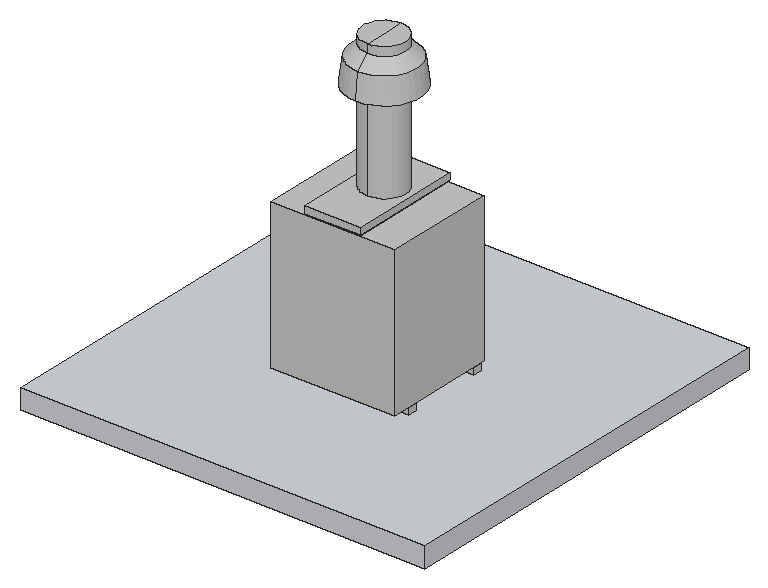
Revit family "DC_Rheem_PLM_Raypak_B0430ID", category Mechanical Equipment, host Face, Revit 2017
Family settings
  Host = Face
  Round Connector Dimension = Use Radius
  Part Type = Normal
  Cut with Voids When Loaded = No
  Shared = No
  Room Calculation Point = No
Parameters (values of type "Raypak - Gas Water Heater- Indoor - 420  MJ/h  Natural gas, On/Off gas control")
  Width_ANZRS = 745 mm
  URL = "http://www.rheem.com.au/CommercialProducts"
  Type Comments = "Recovery 1610L/h @ 50oC rise"
  TopFuleDiameter_ANZRS = 255 mm
  Stainless Steel = Raypak - Grey Powder Coated Steel
  PRVDistance_ANZRS = 210 mm
  PRVRadius_ANZRS = 15 mm
  PRVDiameter_ANZRS = PRVRadius_ANZRS * 2  # 30 mm
  Model = "B0430NCO/ID"
  Manufacturer = "Raypak"
  Length_ANZRS = 675 mm
  HotWaterOutletRadius_ANZRS = 20 mm
  HotWaterOutletDiameter_ANZRS = HotWaterOutletRadius_ANZRS * 2  # 40 mm
  HotWaterConnectionDistance_ANZRS = 170 mm
  Height_ANZRS = 1805 mm
  LipHeight_ANZRS = 935 mm
  GasInletRadius_ANZRS = 10 mm
  GasInletHeight_ANZRS = 370 mm
  GasInletDiameter_ANZRS = GasInletRadius_ANZRS * 2  # 20 mm
  GasConnectionDistance_ANZRS = 105 mm
  DesignBy_ANZRS = "Design Content ©"
  Description = "Raypak - Gas Water Heater- Indoor - 420  MJ/h  Natural gas, On/Off gas control"
  Default Elevation = 0 mm
  ConnectionHeight_ANZRS = 700 mm
  ColdWaterInletRadius_ANZRS = 20 mm
  ColdWaterInletDiameter_ANZRS = ColdWaterInletRadius_ANZRS * 2  # 40 mm
  ColdWaterConnectionDistance_ANZRS = 215 mm
  BoxHeight_ANZRS = 985 mm
  FootingOffset_ANZRS = 30 mm
  FootingWidth_ANZRS = 50 mm
  FootingOffsetRight_ANZRS = 105 mm
  Author_ANZRS = "DM"
  Assembly Code = ""
Types (5, lengths in mm): name | URL | Type Comments | Model | GasInletRadius_ANZRS | GasInletDiameter_ANZRS | Description
  (no name) | "http://www.rheem.com.au/downloads/PDF/Raypak_Mechanical_Heating_Brochure_July_09.pdf" | "Recovery 1610L/h @ 50oC rise" | "B0430NCM/ID" | 12.5 | 25 | "Raypak - Gas Water Heater- Indoor - 420 MJ/h  Natural gas, modulating gas control"
  Raypak - Gas Water Heater- Indoor - 420 MJ/h  Natural gas, modulating gas control | "http://www.rheem.com.au/CommercialProducts" | "Recovery 1610L/h @ 50oC rise" | "B0430NCM/ID" | 12.5 | 25 | "Raypak - Gas Water Heater- Indoor - 420 MJ/h  Natural gas, modulating gas control"
  Raypak - Gas Water Heater- Indoor - 420  MJ/h  Natural gas, On/Off gas control | "http://www.rheem.com.au/CommercialProducts" | "Recovery 1610L/h @ 50oC rise" | "B0430NCO/ID" | 10 | 20 | "Raypak - Gas Water Heater- Indoor - 420  MJ/h  Natural gas, On/Off gas control"
  Raypak - Gas Water Heater- Indoor - 396 MJ/h  Propane gas, modulating gas control | "http://www.rheem.com.au/CommercialProducts" | "Recovery 1514L/h @ 50oC rise" | "B0430PCM/ID" | 10 | 20 | "Raypak - Gas Water Heater- Indoor - 396 MJ/h  Propane gas, modulating gas control"
  Raypak - Gas Water Heater- Indoor - 396 MJ/h  Propane gas, On/Off gas control | "http://www.rheem.com.au/CommercialProducts" | "Recovery 1514L/h @ 50oC rise" | "B0350PCO/ID" | 10 | 20 | "Raypak - Gas Water Heater- Indoor - 396 MJ/h  Propane gas, modulating gas control"
Reference planes
  plane 1 "Center (Front/Back)": y = 0
  plane 2: z = 0
  plane 3 "Center (Left/Right)": x = 0
  plane 4 "Height": z = 1805
  plane 5 "Box H": z = 985
  plane 6 "Conn H": z = 700
  plane 7 "Gas C": z = 370
  plane 8 "L1": y = 288
  plane 9 "L2": y = -387
  plane 10 "PVR": y = 78
  plane 11 "Hot Water": y = 118
  plane 12 "Cold Water": y = -97
  plane 13 "Gas C1": y = -282
  plane 14 "D1": y = 127.5
  plane 15 "D2": y = -127.5
  plane 16 "W1": x = -372.5
  plane 17 "W2": x = 372.5
  plane 18 "base": z = 40
  plane 19 "H4": z = 1535
  plane 20 "H3": z = 1685
  plane 21 "H2": z = 1755
  plane 22: z = 600
  plane 23: z = 565
  plane 24: y = -327
  plane 25: x = -367.5
  plane 26 "BASE11": y = 258
  plane 27 "BASE12": y = 208
  plane 28 "BASE21": y = -232
  plane 29 "BASE22": y = -282
  plane 30 "H1": z = 935
  plane 31 "HH": z = 945
  plane 32: x = 167.5
  plane 33: x = -167.5
  plane 34: x = 157.5
  plane 35: x = -157.5
  plane 36 "LL2": y = -377
  plane 37 "LL1": y = 278
  plane 38: y = -197.5
  plane 39: y = -215.918
  plane 40: y = 197.5
  plane 41: y = 215.918
  plane 42: x = -127.5
  plane 43: x = 127.5
  plane 44: x = 197.5
  plane 45: x = 215.918
  plane 46: x = -197.5
  plane 47: x = -215.918
Forms (mm)
  Extrusion 1, solid
    sketch origin (0, 0, 0) x (1, 0, 0) y (0, 1, 0)
      loop
        line (-1219.2, 1219.2) -> (-1219.2, -1219.2) -> (1219.2, -1219.2) -> (1219.2, 1219.2) -> (-1219.2, 1219.2)
    from 0 to -120
  Extrusion 2, solid, material "Raypak - Grey Powder Coated Steel" <- "Stainless Steel"
    sketch origin (0, 0, 0) x (1, 0, 0) y (0, 1, 0)
      loop
        line (-372.5, 288) -> (-372.5, -387) -> (372.5, -387) -> (372.5, 288) -> (-372.5, 288)
    from 40 to 935
  Revolve 3, solid, material "Raypak - Grey Powder Coated Steel" <- "Stainless Steel"
    sketch origin (0, 0, 105) x (0, 1, 0) y (0, 0, 1)
      loop
        line (0, 1700) -> (-127.5, 1700) -> (-127.5, 1650) -> (-197.5, 1580) -> (-215.918, 1430) -> (-127.5, 1430) -> (-127.5, 880) -> (0, 880) -> (0, 1700)
      axis (0, 1700) -> (0, 880)
    angle from 0 to 360
  Extrusion 4, void
    sketch origin (0, 0, 0) x (0, 1, 0) y (0, 0, 1)
      loop
        circle (78, 700) r 15
      loop
        circle (118, 700) r 20
      loop
        circle (-97, 700) r 20
    from -372.5 to -367.5
  Extrusion 5, void
    sketch origin (0, 0, 0) x (0, 1, 0) y (0, 0, 1)
      loop
        circle (-327, 600) r 5
      loop
        circle (-327, 565) r 5
      loop
        circle (-282, 370) r 10
    from -372.5 to -367.5
  Extrusion 6, solid, material "Raypak - Grey Powder Coated Steel" <- "Stainless Steel"
    sketch origin (0, 0, 0) x (0, 1, 0) y (0, 0, 1)
      loop
        line (258, 40) -> (208, 40) -> (208, 0) -> (258, 0) -> (258, 40)
      loop
        line (-232, 40) -> (-282, 40) -> (-282, 0) -> (-232, 0) -> (-232, 40)
    from -372.5 to 372.5
  Extrusion 7, solid, material "Raypak - Grey Powder Coated Steel" <- "Stainless Steel"
    sketch origin (0, 0, 0) x (1, 0, 0) y (0, 0, 1)
      loop
        line (167.5, 985) -> (-167.5, 985) -> (-167.5, 945) -> (167.5, 945) -> (167.5, 985)
    from -288 to 387
  Extrusion 8, solid, material "Raypak - Grey Powder Coated Steel" <- "Stainless Steel"
    sketch origin (0, 0, 0) x (1, 0, 0) y (0, 0, 1)
      loop
        line (157.5, 945) -> (-157.5, 945) -> (-157.5, 935) -> (157.5, 935) -> (157.5, 945)
    from -278 to 377
Cuts and joins
  Extrusion 4, Extrusion 5 cuts Extrusion 2
Lines and regions (mm)
  Masking region 1
    outline origin (0, 0, 0) x (1, 0, 0) y (0, 1, 0)
      loop
        line (-372.5, 288) -> (-372.5, -387) -> (372.5, -387) -> (372.5, 288) -> (-372.5, 288)
  Masking region 2
    outline origin (0, 0, 0) x (1, 0, 0) y (0, 0, 1)
      loop
        line (-127.5, 1805) -> (-127.5, 1755) -> (-197.5, 1685) -> (-215.918, 1535) -> (-127.5, 1535) -> (-127.5, 985) -> (-167.5, 985) -> (-167.5, 945) -> (-157.5, 945) -> (-157.5, 935) -> (-372.5, 935) -> (-372.5, 0) -> (372.5, 0) -> (372.5, 935) -> (157.5, 935) -> (157.5, 945) -> (167.5, 945) -> (167.5, 985) -> (127.5, 985) -> (127.5, 1535) -> (215.918, 1535) -> (197.5, 1685) -> (127.5, 1755) -> (127.5, 1805) -> (0, 1805) -> (-127.5, 1805)
  Masking region 3
    outline origin (0, 0, 0) x (0, 1, 0) y (0, 0, 1)
      loop
        line (-127.5, 1805) -> (-127.5, 1755) -> (-197.5, 1685) -> (-215.918, 1535) -> (-127.5, 1535) -> (-127.5, 985) -> (-387, 985) -> (-387, 945) -> (-377, 945) -> (-377, 935) -> (-387, 935) -> (-387, 40) -> (-282, 40) -> (-282, 0) -> (-232, 0) -> (-232, 40) -> (208, 40) -> (208, 0) -> (258, 0) -> (258, 40) -> (288, 40) -> (288, 935) -> (278, 935) -> (278, 945) -> (288, 945) -> (288, 985) -> (127.5, 985) -> (127.5, 1535) -> (215.918, 1535) -> (197.5, 1685) -> (127.5, 1755) -> (127.5, 1805) -> (-127.5, 1805)
  symbolic lines, style "Emergency", detail levels fine
    curve 1: arc (0, 215.918, 0) -> (-215.918, 0, 0) -> (0, -215.918, 0) r 215.918
    curve 2: arc (0, -215.918, 0) -> (215.918, 0, 0) -> (0, 215.918, 0) r 215.918
    curve 3: arc (0, 197.5, 0) -> (197.5, 0, 0) -> (0, -197.5, 0) r 197.5
    curve 4: arc (0, -197.5, 0) -> (-197.5, 0, 0) -> (0, 197.5, 0) r 197.5
    curve 5: arc (0, -127.5, 0) -> (-127.5, 0, 0) -> (0, 127.5, 0) r 127.5
    curve 6: arc (0, 127.5, 0) -> (127.5, 0, 0) -> (0, -127.5, 0) r 127.5
    curve 7: line (372.5, -387, 0) -> (372.5, 288, 0)
    curve 8: line (372.5, 288, 0) -> (-372.5, 288, 0)
    curve 9: line (-372.5, 288, 0) -> (-372.5, -387, 0)
    curve 10: line (-372.5, -387, 0) -> (372.5, -387, 0)
    curve 11: line (127.5, 0, 1755) -> (197.5, 0, 1685)
    curve 12: line (215.918, 0, 1535) -> (197.5, 0, 1685)
    curve 13: line (-197.5, 0, 1685) -> (-215.918, 0, 1535)
    curve 14: line (-197.5, 0, 1685) -> (-127.5, 0, 1755)
    curve 15: line (-127.5, 0, 1805) -> (127.5, 0, 1805)
    curve 16: line (0, 0, 1805) -> (127.5, 0, 1805)
    curve 17: line (197.5, 0, 1685) -> (-197.5, 0, 1685)
    curve 18: line (127.5, 0, 1755) -> (-127.5, 0, 1755)
    curve 19: line (-215.918, 0, 1535) -> (0, 0, 1535)
    curve 20: line (0, 0, 1535) -> (190.918, 0, 1535)
    curve 21: line (127.5, 0, 1805) -> (127.5, 0, 1755)
    curve 22: line (-127.5, 0, 1805) -> (-127.5, 0, 1755)
    curve 23: line (372.5, 0, 935) -> (-372.5, 0, 935)
    curve 24: line (372.5, 0, 40) -> (372.5, 0, 935)
    curve 25: line (-372.5, 0, 935) -> (-372.5, 0, 40)
    curve 26: line (-372.5, 0, 40) -> (372.5, 0, 40)
    curve 27: line (372.5, 0, 0) -> (372.5, 0, 40)
    curve 28: line (-372.5, 0, 40) -> (-372.5, 0, 0)
    curve 29: line (-372.5, 0, 0) -> (372.5, 0, 0)
    curve 30: line (-127.5, 0, 1535) -> (-127.5, 0, 985)
    curve 31: line (127.5, 0, 1535) -> (127.5, 0, 985)
    curve 32: arc (0, 63, 700) -> (0, 78, 685) -> (0, 93, 700) r 15
    curve 33: arc (0, 93, 700) -> (0, 78, 715) -> (0, 63, 700) r 15
    curve 34: arc (0, 138, 700) -> (0, 118, 720) -> (0, 98, 700) r 20
    curve 35: arc (0, 98, 700) -> (0, 118, 680) -> (0, 138, 700) r 20
    curve 36: arc (0, -117, 700) -> (0, -97, 680) -> (0, -77, 700) r 20
    curve 37: arc (0, -77, 700) -> (0, -97, 720) -> (0, -117, 700) r 20
    curve 38: arc (0, -272, 370) -> (0, -282, 380) -> (0, -292, 370) r 10
    curve 39: arc (0, -292, 370) -> (0, -282, 360) -> (0, -272, 370) r 10
    curve 40: arc (0, -332, 565) -> (0, -327, 560) -> (0, -322, 565) r 5
    curve 41: arc (0, -322, 565) -> (0, -327, 570) -> (0, -332, 565) r 5
    curve 42: arc (0, -332, 600) -> (0, -327, 595) -> (0, -322, 600) r 5
    curve 43: arc (0, -322, 600) -> (0, -327, 605) -> (0, -332, 600) r 5
    curve 44: line (0, -127.5, 1805) -> (0, -127.5, 1755)
    curve 45: line (0, 127.5, 1805) -> (0, 127.5, 1755)
    curve 46: line (0, 215.918, 1535) -> (0, -215.918, 1535)
    curve 47: line (0, 197.5, 1685) -> (0, -197.5, 1685)
    curve 48: line (0, 127.5, 1755) -> (0, -127.5, 1755)
    curve 49: line (0, 127.5, 1755) -> (0, 197.5, 1685)
    curve 50: line (0, -215.918, 1535) -> (0, -197.5, 1685)
    curve 51: line (0, -127.5, 1755) -> (0, -197.5, 1685)
    curve 52: line (0, 215.918, 1535) -> (0, 197.5, 1685)
    curve 53: line (0, -127.5, 1805) -> (0, 127.5, 1805)
    curve 54: line (0, 127.5, 1535) -> (0, 127.5, 985)
    curve 55: line (0, -127.5, 1535) -> (0, -127.5, 985)
    curve 56: line (0, 288, 985) -> (0, -387, 985)
    curve 57: line (0, -387, 985) -> (0, -387, 945)
    curve 58: line (0, 288, 40) -> (0, 288, 935)
    curve 59: line (0, -387, 40) -> (0, 288, 40)
    curve 60: line (0, 208, 40) -> (0, 208, 0)
    curve 61: line (0, 258, 0) -> (0, 258, 40)
    curve 62: line (0, 208, 0) -> (0, 258, 0)
    curve 63: line (0, -232, 0) -> (0, -232, 40)
    curve 64: line (0, -282, 40) -> (0, -282, 0)
    curve 65: line (0, -282, 0) -> (0, -232, 0)
    curve 66: line (-167.5, 288, 0) -> (-167.5, 136.25, 0)
    curve 67: line (167.5, -387, 0) -> (167.5, -136.25, 0)
    curve 68: line (167.5, 0, 945) -> (167.5, 0, 985)
    curve 69: line (-167.5, 0, 945) -> (167.5, 0, 945)
    curve 70: line (157.5, 0, 935) -> (157.5, 0, 945)
    curve 71: line (-167.5, 0, 985) -> (-167.5, 0, 945)
    curve 72: line (-157.5, 0, 945) -> (-157.5, 0, 935)
    curve 73: line (167.5, 0, 985) -> (-167.5, 0, 985)
    curve 74: line (0, -387, 945) -> (0, 288, 945)
    curve 75: line (0, 288, 935) -> (0, -387, 935)
    curve 76: line (0, 278, 935) -> (0, 278, 945)
    curve 77: line (0, -377, 945) -> (0, -377, 935)
    curve 78: line (0, -387, 935) -> (0, -387, 40)
    curve 79: line (0, 288, 945) -> (0, 288, 985)
    curve 80: line (-167.5, -136.25, 0) -> (-167.5, -387, 0)
    curve 81: line (167.5, 136.25, 0) -> (167.5, 288, 0)
Dimensions and locks
  "Height_ANZRS": plane 4 "Height" to level
  "BoxHeight_ANZRS": plane 5 "Box H" to level
  "ConnectionHeight_ANZRS": plane 6 "Conn H" to Extrusion 1
  "GasInletHeight_ANZRS": plane 7 "Gas C" to level
  "Length_ANZRS": plane 8 "L1" to plane 9 "L2"
  "PRVDistance_ANZRS": plane 8 "L1" to plane 10 "PVR"
  "HotWaterConnectionDistance_ANZRS": plane 8 "L1" to plane 11 "Hot Water"
  "ColdWaterConnectionDistance_ANZRS": plane 11 "Hot Water" to plane 12 "Cold Water"
  "GasConnectionDistance_ANZRS": plane 13 "Gas C1" to plane 9 "L2"
  plane 1 "Center (Front/Back)" to plane 9 "L2" = 387 mm
  plane 18 "base" to level = 40 mm
  plane 4 "Height" to plane 21 "H2" to plane 20 "H3" to plane 19 "H4" = 50 mm, 70 mm, 150 mm
  equal spacing: plane 17 "W2", plane 3 "Center (Left/Right)", plane 16 "W1"
  "Width_ANZRS": plane 17 "W2" to plane 16 "W1"
  equal spacing: plane 14 "D1", plane 1 "Center (Front/Back)", plane 15 "D2"
  "TopFuleDiameter_ANZRS": plane 14 "D1" to plane 15 "D2"
  plane 22 to Extrusion 1 = 600 mm
  plane 23 to Extrusion 1 = 565 mm
  plane 18 "base" to Extrusion 1 = 40 mm
  plane 24 to plane 9 "L2" = 60 mm
  plane 16 "W1" to plane 25 = 5 mm
  "FootingOffset_ANZRS": plane 8 "L1" to plane 26 "BASE11"
  "FootingWidth_ANZRS": plane 26 "BASE11" to plane 27 "BASE12"
  "FootingWidth_ANZRS": plane 28 "BASE21" to plane 29 "BASE22"
  "FootingOffsetRight_ANZRS": plane 29 "BASE22" to plane 9 "L2"
  "LipHeight_ANZRS": plane 30 "H1" to Extrusion 1
  locked: plane 30 "H1" to plane 31 "HH" at 10
  plane 33 to plane 3 "Center (Left/Right)" to plane 32 = 167.5 mm, 167.5 mm
  plane 33 to plane 32 = 335 mm
  locked: plane 34 to plane 32 at 10
  locked: plane 35 to plane 33 at 10
  locked: plane 36 "LL2" to plane 9 "L2" at 10
  plane 37 "LL1" to plane 8 "L1" = 10 mm
  plane 15 "D2" to plane 38 to plane 39 = 70 mm locked, 18.418 mm locked
  locked: plane 40 to plane 41 at 18.418
  locked: plane 40 to plane 14 "D1" at 70
  equal spacing: plane 42, plane 3 "Center (Left/Right)", plane 43
  "TopFuleDiameter_ANZRS": plane 42 to plane 43
  plane 42 to plane 46 to plane 47 = 70 mm locked, 18.418 mm locked
  plane 45 to plane 44 to plane 43 = 18.418 mm locked, 70 mm locked
  "HotWaterOutletRadius_ANZRS": radius of Extrusion 4 sketch curve
  "ColdWaterInletRadius_ANZRS": radius of Extrusion 4 sketch curve
  "PRVRadius_ANZRS": radius of Extrusion 4 sketch curve
  "GasInletRadius_ANZRS": radius of Extrusion 5 sketch curve
  aligned and locked: plane 2 to Extrusion 1
  aligned and locked: level to Extrusion 1
  aligned and locked: plane 8 "L1" to Extrusion 2 sketch curve
  aligned and locked: plane 16 "W1" to Extrusion 2 sketch curve
  aligned and locked: plane 9 "L2" to Extrusion 2 sketch curve
  aligned and locked: plane 17 "W2" to Extrusion 2 sketch curve
  aligned: plane 5 "Box H" to Extrusion 2
  aligned and locked: Revolve 3 sketch curve to plane 1 "Center (Front/Back)"
  aligned and locked: plane 11 "Hot Water" to Extrusion 4 sketch curve
  aligned and locked: plane 10 "PVR" to Extrusion 4 sketch curve
  aligned and locked: plane 6 "Conn H" to Extrusion 4 sketch curve  (x3)
  aligned and locked: Extrusion 4 to plane 16 "W1"
  aligned and locked: Extrusion 2 to plane 18 "base"
  aligned and locked: plane 12 "Cold Water" to Extrusion 4 sketch curve
  aligned and locked: Revolve 3 sketch curve to plane 4 "Height"
  aligned and locked: plane 5 "Box H" to Revolve 3 sketch curve
  aligned and locked: plane 19 "H4" to Revolve 3 sketch curve
  aligned and locked: plane 21 "H2" to Revolve 3 sketch curve
  aligned: plane 15 "D2" to Revolve 3 sketch curve
  aligned and locked: plane 15 "D2" to Revolve 3 sketch curve
  aligned and locked: plane 22 to Extrusion 5 sketch curve
  aligned and locked: plane 24 to Extrusion 5 sketch curve  (x2)
  aligned and locked: plane 23 to Extrusion 5 sketch curve
  aligned and locked: Extrusion 5 to plane 16 "W1"
  aligned and locked: plane 25 to Extrusion 5
  aligned and locked: plane 13 "Gas C1" to Extrusion 5 sketch curve
  aligned and locked: plane 7 "Gas C" to Extrusion 5 sketch curve
  aligned and locked: Extrusion 5 to Extrusion 4
  aligned and locked: plane 18 "base" to Extrusion 6 sketch curve  (x2)
  aligned and locked: Extrusion 6 sketch curve to plane 26 "BASE11"
  aligned and locked: Extrusion 6 sketch curve to level  (x2)
  aligned and locked: plane 27 "BASE12" to Extrusion 6 sketch curve
  aligned and locked: Extrusion 6 sketch curve to plane 28 "BASE21"
  aligned and locked: plane 29 "BASE22" to Extrusion 6 sketch curve
  aligned and locked: Extrusion 6 to plane 16 "W1"
  aligned and locked: Extrusion 6 to plane 17 "W2"
  aligned and locked: Masking region 1 sketch curve to cut or joined group of Extrusion 2, Extrusion 4, Extrusion 5  (x4)
  aligned and locked: Revolve 3 to Masking region 2 sketch curve  (x3)
  aligned and locked: Masking region 2 sketch curve to Revolve 3
  aligned and locked: plane 5 "Box H" to Masking region 2 sketch curve
  aligned and locked: plane 16 "W1" to Masking region 2 sketch curve
  aligned and locked: Masking region 2 sketch curve to plane 17 "W2"
  aligned and locked: Extrusion 1 to Masking region 2 sketch curve
  aligned and locked: Masking region 3 sketch curve to Revolve 3  (x2)
  aligned and locked: Masking region 3 sketch curve to plane 15 "D2"  (x2)
  aligned and locked: plane 5 "Box H" to Masking region 3 sketch curve
  aligned and locked: Masking region 3 sketch curve to plane 9 "L2"
  aligned and locked: plane 18 "base" to Masking region 3 sketch curve
  aligned and locked: Masking region 3 sketch curve to Extrusion 6  (x4)
  aligned and locked: plane 27 "BASE12" to Masking region 3 sketch curve
  aligned and locked: plane 26 "BASE11" to Masking region 3 sketch curve
  aligned and locked: plane 8 "L1" to Masking region 3 sketch curve
  aligned and locked: plane 14 "D1" to Masking region 3 sketch curve
  aligned and locked: curve 1 to Revolve 3
  aligned and locked: curve 2 to Revolve 3
  aligned and locked: curve 3 to Revolve 3
  aligned and locked: curve 4 to Revolve 3
  aligned and locked: curve 5 to Revolve 3
  aligned and locked: curve 6 to Revolve 3
  aligned and locked: curve 7 to cut or joined group of Extrusion 2, Extrusion 4, Extrusion 5
  aligned and locked: curve 8 to cut or joined group of Extrusion 2, Extrusion 4, Extrusion 5
  aligned and locked: curve 9 to cut or joined group of Extrusion 2, Extrusion 4, Extrusion 5
  aligned and locked: curve 10 to cut or joined group of Extrusion 2, Extrusion 4, Extrusion 5
  aligned and locked: curve 32 to cut or joined group of Extrusion 2, Extrusion 4, Extrusion 5
  aligned and locked: curve 33 to cut or joined group of Extrusion 2, Extrusion 4, Extrusion 5
  aligned and locked: curve 34 to cut or joined group of Extrusion 2, Extrusion 4, Extrusion 5
  aligned and locked: curve 35 to cut or joined group of Extrusion 2, Extrusion 4, Extrusion 5
  aligned and locked: curve 36 to cut or joined group of Extrusion 2, Extrusion 4, Extrusion 5
  aligned and locked: curve 37 to cut or joined group of Extrusion 2, Extrusion 4, Extrusion 5
  aligned and locked: curve 38 to cut or joined group of Extrusion 2, Extrusion 4, Extrusion 5
  aligned and locked: curve 39 to cut or joined group of Extrusion 2, Extrusion 4, Extrusion 5
  aligned and locked: curve 40 to cut or joined group of Extrusion 2, Extrusion 4, Extrusion 5
  aligned and locked: curve 41 to cut or joined group of Extrusion 2, Extrusion 4, Extrusion 5
  aligned and locked: curve 42 to cut or joined group of Extrusion 2, Extrusion 4, Extrusion 5
  aligned and locked: curve 43 to cut or joined group of Extrusion 2, Extrusion 4, Extrusion 5
  aligned and locked: curve 44 to plane 15 "D2"
  aligned and locked: plane 14 "D1" to curve 45
  aligned and locked: plane 21 "H2" to curve 48
  aligned and locked: curve 53 to Revolve 3
  aligned and locked: Extrusion 2 to plane 30 "H1"
  aligned and locked: curve 23 to cut or joined group of Extrusion 2, Extrusion 4, Extrusion 5
  aligned and locked: plane 5 "Box H" to Extrusion 7 sketch curve
  aligned and locked: Extrusion 7 sketch curve to plane 32
  aligned and locked: Extrusion 7 sketch curve to plane 31 "HH"
  aligned and locked: Extrusion 7 sketch curve to plane 33
  aligned and locked: plane 31 "HH" to Extrusion 8 sketch curve
  aligned and locked: Extrusion 8 sketch curve to plane 34
  aligned and locked: Extrusion 8 sketch curve to plane 30 "H1"
  aligned and locked: Extrusion 8 sketch curve to plane 35
  aligned and locked: Extrusion 7 to plane 8 "L1"
  aligned and locked: Extrusion 7 to plane 9 "L2"
  aligned and locked: Extrusion 8 to plane 36 "LL2"
  aligned and locked: plane 37 "LL1" to Extrusion 8
  aligned and locked: curve 66 to Extrusion 7
  aligned and locked: curve 67 to Extrusion 7
  aligned and locked: curve 68 to Extrusion 7
  aligned and locked: curve 69 to Extrusion 7
  aligned and locked: curve 70 to Extrusion 8
  aligned and locked: curve 71 to Extrusion 7
  aligned and locked: curve 72 to Extrusion 8
  aligned and locked: curve 73 to Extrusion 7
  aligned and locked: Masking region 2 sketch curve to Extrusion 7  (x3)
  aligned and locked: Extrusion 7 to Masking region 2 sketch curve
  aligned and locked: Masking region 2 sketch curve to Extrusion 8  (x2)
  aligned and locked: Masking region 2 sketch curve to cut or joined group of Extrusion 2, Extrusion 4, Extrusion 5
  aligned and locked: curve 74 to Extrusion 7
  aligned and locked: curve 75 to cut or joined group of Extrusion 2, Extrusion 4, Extrusion 5
  aligned and locked: curve 76 to Extrusion 8
  aligned and locked: curve 77 to Extrusion 8
  aligned and locked: Masking region 3 sketch curve to Extrusion 7
  aligned and locked: Masking region 3 sketch curve to cut or joined group of Extrusion 2, Extrusion 4, Extrusion 5
  aligned and locked: Masking region 3 sketch curve to Extrusion 8  (x2)
  aligned and locked: plane 38 to Revolve 3 sketch curve
  aligned and locked: plane 39 to Revolve 3 sketch curve
  aligned and locked: plane 20 "H3" to Revolve 3 sketch curve
  aligned and locked: plane 39 to curve 50
  aligned and locked: plane 38 to curve 51
  aligned and locked: plane 20 "H3" to curve 51
  aligned and locked: plane 19 "H4" to curve 50
  aligned and locked: plane 19 "H4" to curve 52
  aligned and locked: plane 20 "H3" to curve 49
  aligned and locked: plane 40 to curve 52
  aligned and locked: plane 41 to curve 46
  aligned and locked: plane 42 to curve 22
  aligned and locked: curve 21 to plane 43
  aligned and locked: plane 43 to Masking region 2  (x2)
  aligned and locked: plane 42 to Masking region 2  (x2)
  aligned and locked: plane 42 to curve 30
  aligned and locked: curve 31 to plane 43
  aligned and locked: plane 44 to curve 17
  aligned and locked: plane 46 to curve 17
  aligned and locked: plane 47 to curve 13
  aligned and locked: plane 19 "H4" to curve 19
  aligned and locked: plane 19 "H4" to curve 20
  aligned and locked: plane 20 "H3" to curve 17
  aligned and locked: plane 45 to curve 12
  aligned and locked: plane 19 "H4" to curve 12
  aligned and locked: Masking region 2 sketch curve to curve 14
  aligned and locked: Masking region 2 sketch curve to curve 13
  aligned and locked: Masking region 2 sketch curve to curve 12
  aligned and locked: Masking region 2 sketch curve to curve 11
  aligned and locked: cut or joined group of Extrusion 2, Extrusion 4, Extrusion 5 to Masking region 2 sketch curve
Automatic sketch dimensions
  Extrusion 1 sketch curve to Extrusion 1 sketch curve = 2438.4 mm  (x2)
  curve 57 to plane 5 "Box H" = 0 mm
  curve 57 to plane 9 "L2" = 0 mm
  curve 78 to plane 9 "L2" = 0 mm
  curve 77 to plane 36 "LL2" = 0 mm
  curve 64 to level = 0 mm
  curve 64 to plane 13 "Gas C1" = 0 mm
  curve 65 to plane 28 "BASE21" = 0 mm
  curve 55 to plane 15 "D2" = 0 mm
  curve 54 to plane 14 "D1" = 0 mm
  curve 62 to level = 0 mm
  curve 62 to plane 27 "BASE12" = 0 mm
  curve 61 to plane 18 "base" = 0 mm
  curve 61 to plane 26 "BASE11" = 0 mm
  curve 76 to plane 31 "HH" = 0 mm
  curve 76 to plane 37 "LL1" = 0 mm
  curve 74 to plane 8 "L1" = 0 mm
  curve 59 to plane 8 "L1" = 0 mm
  curve 59 to plane 18 "base" = 0 mm
  curve 63 to plane 18 "base" = 0 mm
  curve 64 to plane 18 "base" = 0 mm
  curve 60 to plane 18 "base" = 0 mm
  curve 53 to plane 4 "Height" = 0 mm
  Revolve 3 sketch curve to plane 15 "D2" = 0 mm
  Revolve 3 sketch curve to plane 1 "Center (Front/Back)" = 0 mm
  Revolve 3 sketch curve to Revolve 3 sketch curve = 675 mm
  Revolve 3 sketch curve to Revolve 3 sketch curve = 130 mm
  Masking region 2 sketch curve to plane 3 "Center (Left/Right)" = 0 mm
  Masking region 2 sketch curve to plane 5 "Box H" = 0 mm
  Masking region 2 sketch curve to plane 21 "H2" = 0 mm  (x2)
  Masking region 3 sketch curve to plane 9 "L2" = 0 mm
  Masking region 3 sketch curve to plane 39 = 0 mm
  Masking region 3 sketch curve to plane 20 "H3" = 0 mm  (x2)
  Masking region 3 sketch curve to plane 38 = 0 mm
  Masking region 3 sketch curve to plane 14 "D1" = 0 mm
  Masking region 3 sketch curve to plane 40 = 0 mm
  Masking region 3 sketch curve to plane 19 "H4" = 0 mm
  Masking region 3 sketch curve to plane 41 = 0 mm
  Masking region 3 sketch curve to plane 8 "L1" = 0 mm
  Masking region 3 sketch curve to plane 18 "base" = 0 mm  (x2)
  Masking region 3 sketch curve to plane 30 "H1" = 0 mm
  Masking region 3 sketch curve to plane 31 "HH" = 0 mm
  Masking region 3 sketch curve to plane 5 "Box H" = 0 mm
  Masking region 3 sketch curve to plane 21 "H2" = 0 mm  (x2)
  plane 34 to Masking region 2 sketch curve = 30 mm
  plane 35 to Masking region 2 sketch curve = 30 mm
  curve 28 to level = 0 mm
  curve 28 to plane 16 "W1" = 0 mm
  curve 73 to plane 5 "Box H" = 0 mm
  curve 73 to plane 33 = 0 mm
  curve 72 to plane 35 = 0 mm
  curve 19 to plane 3 "Center (Left/Right)" = 0 mm
  curve 16 to plane 3 "Center (Left/Right)" = 0 mm
  curve 70 to plane 31 "HH" = 0 mm
  plane 34 to curve 70 = 0 mm
  plane 32 to curve 69 = 0 mm
  plane 17 "W2" to curve 26 = 0 mm
  curve 25 to plane 18 "base" = 0 mm
  curve 18 to plane 21 "H2" = 0 mm
  curve 16 to plane 4 "Height" = 0 mm
  plane 44 to curve 20 = 6.582 mm
  curve 9 to plane 9 "L2" = 0 mm
  curve 9 to plane 16 "W1" = 0 mm
  curve 66 to plane 33 = 0 mm
  curve 80 to plane 33 = 0 mm
  curve 81 to plane 32 = 0 mm
  curve 67 to plane 32 = 0 mm
  curve 7 to plane 17 "W2" = 0 mm
  plane 8 "L1" to curve 7 = 0 mm
  Extrusion 5 sketch curve to plane 13 "Gas C1" = 0 mm
  radius of Extrusion 5 sketch curve = 5 mm  (x2)
Connectors
  piping at (-372.5, 118, 700), diameter 40, driven by "HotWaterOutletRadius_ANZRS"
    settings: on cut or joined group of Extrusion 2, Extrusion 4, Extrusion 5, index 1, connector inside diameter 1.5748", connector length 0 mm, flow factor 0, pipe flow 0 GPM, pressure drop 0.00 psi, fitting loss kfactor 0, connector angle 0.00°, fixture units 0, engagement length 0 mm, angle of deflection 0.00°, flow configuration 0, flow direction 0, fitting loss method 0, system type 19, joint type 0, gender type 0, connector reference index -1, connector utility 0, adjustable connector no, is connector primary yes, connector description ""
  piping at (-372.5, 78, 700), diameter 30, driven by "PRVRadius_ANZRS"
    settings: on cut or joined group of Extrusion 2, Extrusion 4, Extrusion 5, index 2, connector inside diameter 1.1811", connector length 0 mm, flow factor 0, pipe flow 0 GPM, pressure drop 0.00 psi, fitting loss kfactor 0, connector angle 0.00°, fixture units 0, engagement length 0 mm, angle of deflection 0.00°, flow configuration 0, flow direction 0, fitting loss method 0, system type 19, joint type 0, gender type 0, connector reference index -1, connector utility 0, adjustable connector no, is connector primary no, connector description ""
  piping at (-372.5, -97, 700), diameter 40, driven by "ColdWaterInletRadius_ANZRS"
    settings: on cut or joined group of Extrusion 2, Extrusion 4, Extrusion 5, index 3, connector inside diameter 1.5748", connector length 0 mm, flow factor 0, pipe flow 0 GPM, pressure drop 0.00 psi, fitting loss kfactor 0, connector angle 0.00°, fixture units 0, engagement length 0 mm, angle of deflection 0.00°, flow configuration 0, flow direction 0, fitting loss method 0, system type 20, joint type 0, gender type 0, connector reference index -1, connector utility 0, adjustable connector no, is connector primary no, connector description ""
  piping at (-372.5, -282, 370), diameter 20, driven by "GasInletRadius_ANZRS"
    settings: on cut or joined group of Extrusion 2, Extrusion 4, Extrusion 5, index 4, connector inside diameter 0.98425", connector length 0 mm, flow factor 0, pipe flow 0 GPM, pressure drop 0.00 psi, fitting loss kfactor 0, connector angle 0.00°, fixture units 0, engagement length 0 mm, angle of deflection 0.00°, flow configuration 0, flow direction 0, fitting loss method 0, system type 22, joint type 0, gender type 0, connector reference index -1, connector utility 0, adjustable connector no, is connector primary no, connector description ""
  electrical at (-372.5, -327, 600)
    settings: on cut or joined group of Extrusion 2, Extrusion 4, Extrusion 5, index 5, voltage 0 V, apparent load 0 VA, apparent load phase1 0 VA, apparent load phase2 0 VA, apparent load phase3 0 VA, power factor 1, load classification "Other", number of poles 1, system type 31, power factor state 1, is connector primary yes, connector utility no, sub classification motor no, connector description ""
  electrical at (-372.5, -327, 565)
    settings: on cut or joined group of Extrusion 2, Extrusion 4, Extrusion 5, index 6, voltage 0 V, apparent load 0 VA, apparent load phase1 0 VA, apparent load phase2 0 VA, apparent load phase3 0 VA, power factor 1, load classification "Other", number of poles 1, system type 31, power factor state 1, is connector primary no, connector utility no, sub classification motor no, connector description ""
